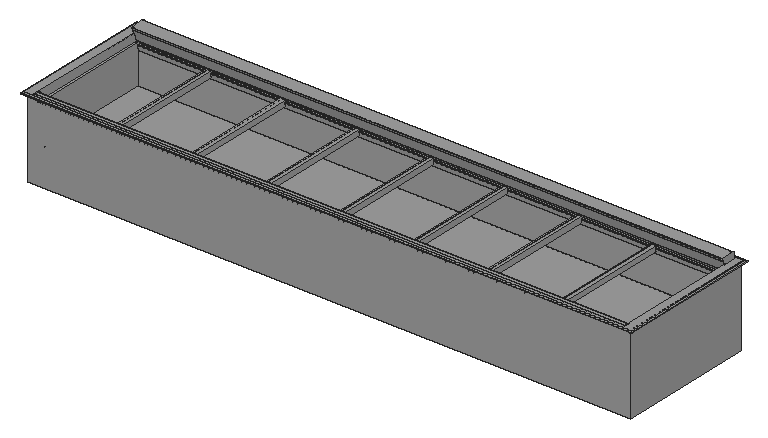
Revit family "RDI-20_2014", category Specialty Equipment, Revit 2014
Parameters (values of type "8 Wells")
  Width = 105 1/2"
  Waste Drain = 1 1/4"  # constant formula
  URL = "www.hussmann.com"
  Type Comments = "Chino"  # constant formula
  Total Weight = Case Weight + (2 * End Weight)  # 0.00 lbf
  Revit Family Date = "06/22/2016"  # constant formula
  Refrigeration Lines Suction = 7/8"  # constant formula
  Refrigeration Lines Liquid = 5/8"  # constant formula
  Refrig. Suction = ""
  Refrig. Liquid = ""
  Number of Wells = if(Width = 23 7/8", 2, if(Width = 28 3/4", 2, if(Width = 41 5/8", 2, if(Width = 54 3/8", 3, if(Width = 67 1/8", 4, if(Width = 80", 5, if(Width = 92 3/4", 6, if(Width = 105 1/2", 7, 7))))))))  # 7
  Note from Manufacturer = "This model only comes with 1, 2, 3, 4, 5, 6, 7, and 8 wells."
  Model URL = "http://www.hussmann.com/en/product%20viewer/display-cases/RDI,%20RDI%20Slimline"
  Model = "RDI-20"  # constant formula
  Manufacturer Disclaimer = "The information in this file is not intended to be an exact representation of the corresponding Hussmann product.  Further, we reserve the right to change or revise specifications and product design in connection with any feature of our products. Such changes do not entitle the buyer to corresponding changes, improvements, additions, or replacements for equipment previously sold or shipped."  # constant formula
  Manufacturer = "Hussmann Corporation"  # constant formula
  Height = 13 7/8"  # constant formula
  End Weight = 0.00 lbf  # constant formula
  Description = "Refrigerated Service, Self-Service Drop-In Module"  # constant formula
  Depth = if(Width < 24", 17 1/8", 25 1/8")  # 25 1/8"
  Cutsheet URL = "http://www.hussmann.com/en/Technical%20Documents/RDI-20_ds_En.pdf"
  Case Weight = if(Width = 23 7/8", 0.00 lbf, if(Width = 72 3/8", 2.00 lbf, if(Width = 96 3/8", 3.00 lbf, if(Width = 144 1/2", 4.00 lbf, 0.00 lbf))))  # 0.00 lbf
  Case = Stainless Steel
  Bracket = Width > 24"  # yes
  Backet Location = if(Width < 24", 6", 14 3/8")  # 14 3/8"
  Assembly Code = ""
  Accessories/Options = ""
Types (8): name | Width | Number of Wells | Depth | Bracket | Backet Location
  3 Wells | 41 5/8" | 2 | 25 1/8" | yes | 14 3/8"
  4 Wells | 54 3/8" | 3 | 25 1/8" | yes | 14 3/8"
  5 Wells | 67 1/8" | 4 | 25 1/8" | yes | 14 3/8"
  6 Wells | 80" | 5 | 25 1/8" | yes | 14 3/8"
  7 Wells | 92 3/4" | 6 | 25 1/8" | yes | 14 3/8"
  2 Wells | 28 3/4" | 2 | 25 1/8" | yes | 14 3/8"
  1 Well | 23 7/8" | 2 | 17 1/8" | no | 6"
  8 Wells | 105 1/2" | 7 | 25 1/8" | yes | 14 3/8"
Reference planes (in)
  plane 1 "Back": y = 0
  plane 2 "Bottom": z = 0
  plane 3 "Top": z = 13.875
  plane 4 "Left": x = -77.30699
  plane 5 "Front": y = -25.125
  plane 6 "Center (Left/Right)": x = -24.55699
  plane 7 "Right": x = 28.19301
  plane 8: x = -76.61949
  plane 9: x = 27.50551
  plane 10: y = -0.6875
  plane 11: y = -24.4375
  plane 12: z = -2
  plane 13: z = -0.5
  plane 14: z = 1
  plane 15: y = -23.9375
  plane 16: y = -1.1875
  plane 17: x = -75.11949
  plane 18: x = 26.00551
  plane 19: z = 12.26437
  plane 20: x = -62.93199
  plane 21: x = 13.81801
Forms (in)
  Extrusion 1, solid, material "Stainless Steel" <- "Case"
    sketch origin (0, 0, 0) x (1, 0, 0) y (0, 1, 0)
      loop
        line (-76.61949, -0.6875) -> (-76.61949, -24.4375) -> (27.50551, -24.4375) -> (27.50551, -0.6875) -> (-76.61949, -0.6875)
    from 13.875 to 0
  Extrusion 2, void
    sketch origin (21.625, -8, 0) x (1, 0, 0) y (0, 1, 0)
      loop
        arc (-46.93199, -11.125) -> (-46.71294, -11.65471) -> (-46.18374, -11.875) r 0.75
        arc (-46.18374, -11.875) -> (-45.65228, -11.65595) -> (-45.43199, -11.125) r 0.75
        arc (-45.43199, -11.125) -> (-45.65166, -10.59467) -> (-46.18199, -10.375) r 0.75
        arc (-46.18199, -10.375) -> (-46.71232, -10.59467) -> (-46.93199, -11.125) r 0.75
    from 1 to 0
  Extrusion 3, void
    sketch origin (0, 0, 0) x (1, 0, 0) y (0, 1, 0)
      loop
        arc (-74.29136, -16.125) -> (-74.00397, -16.82656) -> (-73.30699, -17.12488) r 1
        arc (-73.30699, -17.12488) -> (-72.5898, -16.83761) -> (-72.29136, -16.125) r 1
        arc (-72.29136, -16.125) -> (-72.5898, -15.41239) -> (-73.30699, -15.12512) r 1
        arc (-73.30699, -15.12512) -> (-74.00397, -15.42344) -> (-74.29136, -16.125) r 1
    from 1 to 0
  Extrusion 4, solid, material "Metal - Copper"
    sketch origin (63.0625, 1.04319, 0) x (1, 0, 0) y (0, 1, 0)
      loop
        arc (-87.61949, -19.54319) -> (-88.06143, -19.72625) -> (-88.24449, -20.16819) r 0.625
        arc (-88.24449, -20.16819) -> (-88.06143, -20.61013) -> (-87.61949, -20.79319) r 0.625
        arc (-87.61949, -20.79319) -> (-87.17754, -20.61013) -> (-86.99449, -20.16819) r 0.625
        arc (-86.99449, -20.16819) -> (-87.17754, -19.72625) -> (-87.61949, -19.54319) r 0.625
      loop
        circle (-87.61949, -20.16819) r 0.5852
    from 1 to -2
  Extrusion 5, solid, material "Metal - Copper"
    sketch origin (57.40105, 5, -0.375) x (1, 0, 0) y (0, 1, 0)
      loop
        circle (-131.14554, -21.125) r 0.41359
      loop
        circle (-131.14554, -21.125) r 0.4375
    from 1.375 to -0.125
  Extrusion 6, solid, material "Metal - Copper"
    sketch origin (59.82608, 5, -0.375) x (1, 0, 0) y (0, 1, 0)
      loop
        circle (-132.82057, -21.125) r 0.29688
      loop
        circle (-132.82057, -21.125) r 0.3125
    from 1.375 to -0.125
  Sweep 7, solid, material "Stainless Steel" <- "Case"
    path origin (0, 0, 0) x (1, 0, 0) y (0, 1, 0)
      loop
        line (27.50551, -0.6875) -> (-76.61949, -0.6875) -> (-76.61949, -24.4375) -> (27.50551, -24.4375) -> (27.50551, -0.6875)
    profile origin (-24.55699, -0.6875, 0) x (0, -1, 0) y (0, 0, 1)
      loop
        line (0.96875, 13.875) -> (-0.3062, 13.875) -> (-0.6875, 13.8416) -> (-0.6875, 13.75) -> (0.96875, 13.75) -> (0.96875, 13.875)
  Extrusion 8, void
    sketch origin (0, -40, 0) x (0, 0, 1) y (1, 0, 0)
      loop
        line (12.375, 26.06801) -> (13.875, 26.06801) -> (13.875, 26.31801) -> (12.375, 26.31801) -> (12.375, 26.06801)
      loop
        line (12.375, -75.43199) -> (12.375, -75.65199) -> (13.875, -75.65199) -> (13.875, -75.43199) -> (12.375, -75.43199)
    from 39.125 to 15.75
  Sweep 9, void
    path origin (0, 0, 0) x (1, 0, 0) y (0, 1, 0)
      loop
        line (26.00551, -1.1875) -> (-75.11949, -1.1875) -> (-75.11949, -23.9375) -> (26.00551, -23.9375) -> (26.00551, -1.1875)
    profile origin (-24.55699, -1.1875, 0) x (0, -1, 0) y (0, 0, 1)
      loop
        line (0, 13.875) -> (-0.3125, 13.875) -> (-0.3125, 12.375) -> (0, 12.375) -> (0, 13.875)
  Extrusion 10, void
    sketch origin (-65.36949, 0, 0) x (0, 1, 0) y (0, 0, 1)
      loop
        line (-23.9375, 13.875) -> (-23.9375, 1) -> (-1.1875, 1) -> (-1.1875, 13.875) -> (-23.9375, 13.875)
    from 91.375 to -9.75
  Extrusion 11, solid, material "Stainless Steel" <- "Case"
    sketch origin (-43.74449, 0, 0) x (0, 1, 0) y (0, 0, 1)
      loop
        line (-2.99228, 14.38202) -> (-2.96291, 14.39271) -> (-2.27941, 12.51313) -> (-2.30878, 12.50244) -> (-2.2222, 12.26437) -> (-2.67513, 12.26214)
        arc (-2.67513, 12.26214) -> (-2.72324, 12.23954) -> (-2.73655, 12.18808) r 0.0625
        line (-2.73655, 12.18808) -> (-2.56604, 11.28279) -> (-2.56604, 5.25525) -> (-3.31603, 5.25525) -> (-3.31603, 5.19275) -> (-2.56604, 5.19275)
        arc (-2.56604, 5.19275) -> (-2.52185, 5.21106) -> (-2.50354, 5.25525) r 0.0625
        line (-2.50354, 5.25525) -> (-2.50354, 11.28856) -> (-2.67518, 12.19988) -> (-2.22148, 12.19988)
        arc (-2.22148, 12.19988) -> (-2.17029, 12.22653) -> (-2.16274, 12.28374) r 0.0625
        line (-2.16274, 12.28374) -> (-2.74503, 13.885) -> (-0.78623, 13.885) -> (-0.88141, 14.97286)
        arc (-0.88141, 14.97286) -> (-0.90355, 15.01534) -> (-0.94927, 15.02966) r 0.0625
        line (-0.94927, 15.02966) -> (-3.07465, 14.83824)
        arc (-3.07465, 14.83824) -> (-3.12179, 14.80952) -> (-3.12778, 14.75464) r 0.0625
        line (-3.12778, 14.75464) -> (-2.99228, 14.38202)
      loop
        line (-23.39192, 12.26437) -> (-23.39192, 13.76604)
        arc (-23.39192, 13.76604) -> (-23.41023, 13.81023) -> (-23.45442, 13.82854) r 0.0625
        line (-23.45442, 13.82854) -> (-24.1875, 13.82854)
        arc (-24.1875, 13.82854) -> (-24.23169, 13.81023) -> (-24.25, 13.76604) r 0.0625
        line (-24.25, 13.76604) -> (-24.25, 13.08612) -> (-24.1875, 13.08612) -> (-24.1875, 13.76604) -> (-23.45442, 13.76604) -> (-23.45442, 12.26437)
        arc (-23.45442, 12.26437) -> (-23.43612, 12.22017) -> (-23.39192, 12.20187) r 0.0625
        line (-23.39192, 12.20187) -> (-23.04727, 12.20187) -> (-23.04727, 5.19275) -> (-23.75, 5.19275)
        arc (-23.75, 5.19275) -> (-23.79419, 5.17445) -> (-23.8125, 5.13025) r 0.0625
        line (-23.8125, 5.13025) -> (-23.8125, 4.68525) -> (-23.75, 4.68525) -> (-23.75, 5.13025) -> (-22.35942, 5.13025)
        arc (-22.35942, 5.13025) -> (-22.29692, 5.19275) -> (-22.35942, 5.25525) r 0.0625
        line (-22.35942, 5.25525) -> (-22.98477, 5.25525) -> (-22.98477, 12.20187)
        arc (-22.98477, 12.20187) -> (-23.00308, 12.24606) -> (-23.04727, 12.26437) r 0.0625
        line (-23.04727, 12.26437) -> (-23.39192, 12.26437)
    from 70.0625 to -31.9075
  Extrusion 12, solid, material "Stainless Steel" <- "Case"
    sketch origin (-24.55699, 0, 0) x (0, 1, 0) y (0, 0, 1)
      loop
        arc (-2.6166, 5.25525) -> (-2.59185, 5.2655) -> (-2.5816, 5.29025) r 0.035
        line (-2.5816, 5.29025) -> (-2.5816, 5.80425)
        arc (-2.5816, 5.80425) -> (-2.59185, 5.829) -> (-2.6166, 5.83925) r 0.035
        line (-2.6166, 5.83925) -> (-22.88682, 5.83925)
        arc (-22.88682, 5.83925) -> (-22.91157, 5.829) -> (-22.92182, 5.80425) r 0.035
        line (-22.92182, 5.80425) -> (-22.92182, 5.29025)
        arc (-22.92182, 5.29025) -> (-22.91157, 5.2655) -> (-22.88682, 5.25525) r 0.035
        line (-22.88682, 5.25525) -> (-2.6166, 5.25525)
    from 50.5625 to -50.5625
Cuts and joins
  Extrusion 2, Extrusion 3, Extrusion 8, Sweep 9, Extrusion 10 cuts Extrusion 1
  Extrusion 8, Sweep 9, Extrusion 10 cuts Sweep 7
  joined: Extrusion 1, Sweep 7
  Extrusion 10 cuts Extrusion 4
  Extrusion 10 cuts Extrusion 5
  Extrusion 10 cuts Extrusion 6
Lines and regions (in)
  reference lines
    curve 1: line (-24.55699, -25.125, 0) -> (-24.55699, 0, 0)
    curve 2: line (-73.30699, -25.125, 0) -> (-73.30699, 0, 0)
    curve 3: line (-77.30699, -19.125, 0) -> (28.19301, -19.125, 0)
    curve 4: line (28.19301, -16.125, 0) -> (-77.30699, -16.125, 0)
Dimensions and locks (in)
  equal spacing: plane 4 "Left", plane 6 "Center (Left/Right)", plane 7 "Right"
  "Width": plane 4 "Left" to plane 7 "Right"
  equal spacing: plane 4 "Left", curve 1, plane 7 "Right"
  "Depth": plane 5 "Front" to plane 1 "Back"
  "Height": plane 3 "Top" to level
  locked: plane 11 to plane 5 "Front" at 0.6875
  locked: plane 10 to plane 1 "Back" at 0.6875
  locked: plane 4 "Left" to plane 8 at 0.6875
  locked: plane 9 to plane 7 "Right" at 0.6875
  locked: plane 12 to level at 2
  locked: plane 13 to level at 0.5
  locked: plane 14 to level at 1
  locked: plane 16 to plane 10 at 0.5
  locked: plane 15 to plane 11 at 0.5
  locked: plane 8 to plane 17 at 1.5
  locked: plane 18 to plane 9 at 1.5
  locked: plane 4 "Left" to curve 2 at 4
  locked: curve 3 to plane 5 "Front" at 6
  locked: curve 4 to plane 5 "Front" at 9
  locked: Extrusion 4 sketch curve to Extrusion 4 sketch curve at 0.0398
  locked: Extrusion 6 sketch curve to Extrusion 6 sketch curve at 0.01562
  locked: Extrusion 5 sketch curve to Extrusion 5 sketch curve at 0.02391
  locked: Sweep 7 sketch curve to plane 1 "Back" at 1.65625
  locked: Sweep 7 sketch curve to plane 3 "Top" at 0.125
  "Backet Location": plane 4 "Left" to plane 20
  "Backet Location": plane 21 to plane 7 "Right"
  equal spacing: group 1, group 3, group 4, group 5, group 6, group 7, group 2  (x3)
  "Waste Drain": diameter of Extrusion 4 sketch curve
  "Refrigeration Lines Liquid": diameter of Extrusion 6 sketch curve
  "Refrigeration Lines Suction": diameter of Extrusion 5 sketch curve
  aligned and locked: plane 10 to Extrusion 1 sketch curve
  aligned and locked: plane 8 to Extrusion 1 sketch curve
  aligned and locked: plane 11 to Extrusion 1 sketch curve
  aligned and locked: Extrusion 1 sketch curve to plane 9
  aligned and locked: Extrusion 1 to level
  aligned and locked: Extrusion 1 to plane 3 "Top"
  aligned and locked: Extrusion 2 to level
  aligned and locked: Extrusion 3 to level
  aligned and locked: plane 5 "Front" to curve 1
  aligned and locked: plane 4 "Left" to curve 3
  aligned and locked: plane 4 "Left" to curve 4
  aligned and locked: curve 4 to Extrusion 6 sketch curve  (x4)
  aligned and locked: curve 4 to Extrusion 5 sketch curve  (x4)
  aligned and locked: curve 3 to Extrusion 4 sketch curve  (x3)
  aligned and locked: curve 1 to Extrusion 4 sketch curve
  aligned and locked: curve 2 to Extrusion 6 sketch curve
  aligned and locked: curve 2 to Extrusion 5 sketch curve
  aligned and locked: Extrusion 5 to Extrusion 6
  aligned and locked: Extrusion 6 to Extrusion 4
  aligned and locked: Extrusion 5 to Extrusion 4
  aligned and locked: Extrusion 4 to plane 14
  aligned and locked: Extrusion 6 to plane 14
  aligned and locked: Extrusion 5 to plane 14
  aligned and locked: plane 13 to Extrusion 5
  aligned and locked: plane 13 to Extrusion 6
  aligned and locked: plane 12 to Extrusion 4
  aligned and locked: plane 14 to Extrusion 10
  aligned and locked: Extrusion 10 to plane 3 "Top"
  aligned and locked: Extrusion 1 to Extrusion 8
  aligned and locked: Extrusion 10 to plane 16
  aligned and locked: Extrusion 10 to plane 15
  aligned and locked: plane 18 to Extrusion 10
  aligned and locked: Extrusion 10 to plane 17
  aligned and locked: Sweep 9 to Extrusion 8
  aligned and locked: Extrusion 8 to Sweep 9
  aligned and locked: Sweep 9 sketch curve to plane 16
  aligned and locked: Sweep 9 sketch curve to plane 17
  aligned and locked: Sweep 9 sketch curve to plane 15
  aligned and locked: plane 18 to Sweep 9 sketch curve
  aligned and locked: Sweep 7 sketch curve to plane 10
  aligned and locked: plane 9 to Sweep 7 sketch curve
  aligned and locked: Sweep 7 sketch curve to plane 11
  aligned and locked: Sweep 7 sketch curve to plane 8
  aligned and locked: Extrusion 12 to plane 17
  aligned and locked: plane 18 to Extrusion 12
  aligned and locked: Extrusion 11 to cut or joined group of Extrusion 1, Extrusion 2, Extrusion 3, Sweep 7, Extrusion 8, Sweep 9, Extrusion 10  (x3)
  aligned and locked: curve 2 to Extrusion 3 sketch curve  (x2)
  aligned and locked: curve 4 to Extrusion 3 sketch curve  (x2)
  aligned and locked: plane 1 "Back" to nested 1
  aligned and locked: plane 20 to nested 1
  aligned and locked: nested 2 to plane 21
  aligned and locked: Extrusion 2 to plane 2 "Bottom"
  aligned and locked: Extrusion 2 to plane 14
  aligned and locked: Extrusion 3 to plane 14
  aligned and locked: Extrusion 3 to plane 2 "Bottom"
Automatic sketch dimensions
  plane 1 "Back" to curve 1 = 0"
  curve 1 to plane 6 "Center (Left/Right)" = 0"
  curve 2 to plane 5 "Front" = 0"
  plane 1 "Back" to curve 2 = 0"
  curve 3 to plane 7 "Right" = 0"
  curve 4 to plane 7 "Right" = 0"
  profile plane to Sweep 7 sketch curve = 11/16"
  profile plane to Sweep 7 sketch curve = 0.3062"
  Sweep 7 sketch curve to Sweep 7 sketch curve = 0.0916"
  Sweep 7 sketch curve to Sweep 7 sketch curve = 1/8"
  Extrusion 8 sketch curve to plane 3 "Top" = 0"  (x2)
  Extrusion 8 sketch curve to plane 17 = 5/16"
  Extrusion 8 sketch curve to Extrusion 8 sketch curve = 1 1/2"  (x2)
  plane 18 to Extrusion 8 sketch curve = 5/16"
  Extrusion 8 sketch curve to Extrusion 8 sketch curve = 0.22"
  Extrusion 8 sketch curve to Extrusion 8 sketch curve = 1/4"
  Sweep 9 sketch curve to profile plane = 0"
  profile plane to Sweep 9 sketch curve = 5/16"
  profile plane to Sweep 9 sketch curve = 12 3/8"
  Sweep 9 sketch curve to Sweep 9 sketch curve = 1 1/2"
  plane 14 to Extrusion 10 sketch curve = 0"
  Extrusion 10 sketch curve to plane 15 = 0"
  plane 3 "Top" to Extrusion 10 sketch curve = 0"
  Extrusion 10 sketch curve to plane 16 = 0"
  Extrusion 11 sketch curve to plane 15 = 5/16"
  Extrusion 11 sketch curve to Extrusion 11 sketch curve = 1/16"  (x8)
  Extrusion 11 sketch curve to plane 15 = 1/4"
  plane 15 to Extrusion 11 sketch curve = 1/8"
  Extrusion 11 sketch curve to Extrusion 11 sketch curve = 0"  (x8)
  plane 3 "Top" to Extrusion 11 sketch curve = 0.10896"
  Extrusion 11 sketch curve to Extrusion 11 sketch curve = 0.73308"
  Extrusion 11 sketch curve to Extrusion 11 sketch curve = 0.34465"
  Extrusion 11 sketch curve to Extrusion 11 sketch curve = 0.62535"
  plane 16 to Extrusion 11 sketch curve = 2.12853"
  plane 16 to Extrusion 11 sketch curve = 1.88715"
  Extrusion 11 sketch curve to Extrusion 11 sketch curve = 0.00561"  (x2)
  Extrusion 11 sketch curve to plane 3 "Top" = 0.51771"
  Extrusion 11 sketch curve to Extrusion 11 sketch curve = 0.02937"  (x2)
  plane 16 to Extrusion 11 sketch curve = 1.54905"
  Extrusion 11 sketch curve to Extrusion 11 sketch curve = 0.06136"
  Extrusion 11 sketch curve to Extrusion 11 sketch curve = 0.00006"
  Extrusion 11 sketch curve to Extrusion 11 sketch curve = 0.1705"
  Extrusion 11 sketch curve to Extrusion 11 sketch curve = 0.08657"
  Extrusion 11 sketch curve to Extrusion 11 sketch curve = 0.00072"
  Extrusion 11 sketch curve to plane 16 = 0.23823"
  Extrusion 11 sketch curve to Extrusion 11 sketch curve = 0.06226"  (x2)
  Extrusion 11 sketch curve to plane 3 "Top" = 0.01"
  plane 10 to Extrusion 11 sketch curve = 0.09873"
  Extrusion 11 sketch curve to Extrusion 11 sketch curve = 0.67991"
  Extrusion 11 sketch curve to Extrusion 11 sketch curve = 0.82175"
  Extrusion 11 sketch curve to Extrusion 11 sketch curve = 0.23807"
  Extrusion 11 sketch curve to Extrusion 11 sketch curve = 0.00199"
  Extrusion 11 sketch curve to Extrusion 11 sketch curve = 0.2403"
  Extrusion 11 sketch curve to Extrusion 11 sketch curve = 0.00024"
  Extrusion 11 sketch curve to Extrusion 11 sketch curve = 0.91108"
  Extrusion 11 sketch curve to Extrusion 11 sketch curve = 0.00578"
  Extrusion 11 sketch curve to plane 14 = 4.25525"  (x2)
  Extrusion 11 sketch curve to Extrusion 11 sketch curve = 0.445"
  Extrusion 11 sketch curve to Extrusion 11 sketch curve = 0.38329"
  Extrusion 11 sketch curve to Extrusion 11 sketch curve = 0.06225"
  Extrusion 11 sketch curve to plane 3 "Top" = 1.09241"
  Extrusion 11 sketch curve to Extrusion 11 sketch curve = 0.00545"
  Extrusion 11 sketch curve to plane 3 "Top" = 0.87964"
  Extrusion 11 sketch curve to Extrusion 11 sketch curve = 0.05874"  (x2)
  Extrusion 11 sketch curve to Extrusion 11 sketch curve = 0.21788"
  Extrusion 11 sketch curve to Extrusion 11 sketch curve = 1.23034"
  plane 3 "Top" to Extrusion 11 sketch curve = 2.59221"
  Extrusion 11 sketch curve to plane 3 "Top" = 0.50702"
  Extrusion 11 sketch curve to Extrusion 11 sketch curve = 0.1355"
  Extrusion 11 sketch curve to Extrusion 11 sketch curve = 0.36635"
  plane 15 to Extrusion 12 sketch curve = 1.01568"
  Extrusion 12 sketch curve to Extrusion 12 sketch curve = 0.035"  (x3)
  plane 16 to Extrusion 12 sketch curve = 1.4291"
  Extrusion 12 sketch curve to Extrusion 12 sketch curve = 0"  (x2)
  Extrusion 12 sketch curve to plane 14 = 4.29025"
  Extrusion 12 sketch curve to Extrusion 12 sketch curve = 0.514"
  Extrusion 3 sketch curve to Extrusion 3 sketch curve = 0"  (x2)
  Extrusion 3 sketch curve to Extrusion 3 sketch curve = 1/64"
  plane 17 to Extrusion 3 sketch curve = 53/64"
  Extrusion 2 sketch curve to Extrusion 2 sketch curve = 0"  (x2)
  Extrusion 2 sketch curve to plane 6 "Center (Left/Right)" = 0"
  plane 15 to Extrusion 2 sketch curve = 4 13/16"
  Extrusion 2 sketch curve to plane 6 "Center (Left/Right)" = 0.00175"
  Extrusion 2 sketch curve to plane 6 "Center (Left/Right)" = 3/4"
  Extrusion 4 sketch curve to Extrusion 4 sketch curve = 0"  (x2)
  Extrusion 5 sketch curve to Extrusion 5 sketch curve = 0"
  Extrusion 6 sketch curve to Extrusion 6 sketch curve = 0"
Nested families (in)
  nested 1: "Pan Bracket" at (-62.93199, -12.78319, 11.51437), visible <- "Bracket", type "Pan Bracket"
  nested 2: "Pan Bracket" at (13.81801, -12.78319, 11.51437), visible <- "Bracket", type "Pan Bracket"
  nested 3: "Pan Bracket" at (-50.14032, -12.78319, 11.51437), visible <- "Bracket", type "Pan Bracket"
  nested 4: "Pan Bracket" at (-37.34865, -12.78319, 11.51437), visible <- "Bracket", type "Pan Bracket"
  nested 5: "Pan Bracket" at (-24.55699, -12.78319, 11.51437), visible <- "Bracket", type "Pan Bracket"
  nested 6: "Pan Bracket" at (-11.76532, -12.78319, 11.51437), visible <- "Bracket", type "Pan Bracket"
  nested 7: "Pan Bracket" at (1.02635, -12.78319, 11.51437), visible <- "Bracket", type "Pan Bracket"
Connectors (in)
  piping at (-24.55699, -19.125, -2), diameter 1.25, driven by "Waste Drain"
    settings: on Extrusion 4, index 11, connector inside diameter 1 1/4", connector length 0", flow factor 0, pipe flow 0 GPM, pressure drop 0.00 psi, fitting loss kfactor 0, connector angle 0.00°, fixture units 0, engagement length 0", angle of deflection 0.00°, flow configuration 0, flow direction 0, fitting loss method 0, system type 16, joint type 0, gender type 0, connector reference index -1, connector utility 0, adjustable connector no, is connector primary yes, connector description ""
  piping at (-73.74449, -16.125, -0.5), diameter 0.875, driven by "Refrig. Suction", driven by "Refrigeration Lines Suction"
    settings: on Extrusion 5, index 12, connector inside diameter 7/8", connector length 0", flow factor 0, pipe flow 0 GPM, pressure drop 0.00 psi, fitting loss kfactor 0, connector angle 0.00°, fixture units 0, engagement length 0", angle of deflection 0.00°, flow configuration 0, flow direction 2, fitting loss method 0, system type 22, joint type 0, gender type 0, connector reference index -1, connector utility 0, adjustable connector no, is connector primary no, connector description ""
  piping at (-72.99449, -16.125, -0.5), diameter 0.625, driven by "Refrig. Liquid", driven by "Refrigeration Lines Liquid"
    settings: on Extrusion 6, index 13, connector inside diameter 3/8", connector length 0", flow factor 0, pipe flow 0 GPM, pressure drop 0.00 psi, fitting loss kfactor 0, connector angle 0.00°, fixture units 0, engagement length 0", angle of deflection 0.00°, flow configuration 0, flow direction 1, fitting loss method 0, system type 22, joint type 0, gender type 0, connector reference index -1, connector utility 0, adjustable connector no, is connector primary no, connector description ""
Definition of nested family "Pan Bracket"
  Parameters (values of type "Pan Bracket")
    Case = Stainless Steel
    Bracket Depth = 25 1/8"
  Reference planes (in)
    plane 1 "Center (Front/Back)": y = 0.22069
    plane 2: z = 0
    plane 3 "Center (Left/Right)": x = 0
    plane 4: y = 12.78319
    plane 5: y = -12.34181
    plane 6: y = 10.53319
    plane 7: y = 10.20158
    plane 8: y = -10.59181
    plane 9: y = -10.20158
    plane 10: x = -0.4375
    plane 11: x = -0.32813
    plane 12: x = 0.32813
    plane 13: x = 0.4375
    plane 14: z = 0.75
    plane 15: z = 0.86063
  Forms (in)
    Extrusion 1, solid, material "Stainless Steel" <- "Case"
      sketch origin (0, 0, 0) x (1, 0, 0) y (0, 1, 0)
        loop
          line (-0.4375, 10.53319) -> (-0.4375, -10.59181) -> (0.4375, -10.59181) -> (0.4375, 10.53319) -> (-0.4375, 10.53319)
      from 0.75 to 0.86063
    Extrusion 2, solid, material "Stainless Steel" <- "Case"
      sketch origin (0, 0, 0) x (1, 0, 0) y (0, 1, 0)
        loop
          line (-0.4375, 10.20158) -> (-0.4375, -10.20158) -> (-0.32813, -10.20158) -> (-0.32813, 10.20158) -> (-0.4375, 10.20158)
        loop
          line (0.32813, 10.20158) -> (0.32813, -10.20158) -> (0.4375, -10.20158) -> (0.4375, 10.20158) -> (0.32813, 10.20158)
      from 0 to 0.75
  Cuts and joins
    joined: Extrusion 1, Extrusion 2
  Dimensions and locks (in)
    plane 9 to plane 8 to plane 5 = 0.39023" locked, 1 3/4" locked
    plane 7 to plane 6 to plane 4 = 0.3316" locked, 2 1/4" locked
    "Bracket Depth": plane 5 to plane 4
    aligned and locked: level to plane 2
    aligned and locked: plane 6 to Extrusion 1 sketch curve
    aligned and locked: plane 10 to Extrusion 1 sketch curve
    aligned and locked: plane 8 to Extrusion 1 sketch curve
    aligned and locked: Extrusion 1 sketch curve to plane 13
    aligned and locked: plane 7 to Extrusion 2 sketch curve  (x2)
    aligned and locked: plane 10 to Extrusion 2 sketch curve
    aligned and locked: plane 9 to Extrusion 2 sketch curve  (x2)
    aligned and locked: Extrusion 2 sketch curve to plane 11
    aligned and locked: plane 12 to Extrusion 2 sketch curve
    aligned and locked: Extrusion 2 sketch curve to plane 13
    aligned and locked: plane 14 to Extrusion 2
    aligned and locked: Extrusion 2 to level
    aligned and locked: Extrusion 1 to plane 14
    aligned and locked: plane 15 to Extrusion 1
